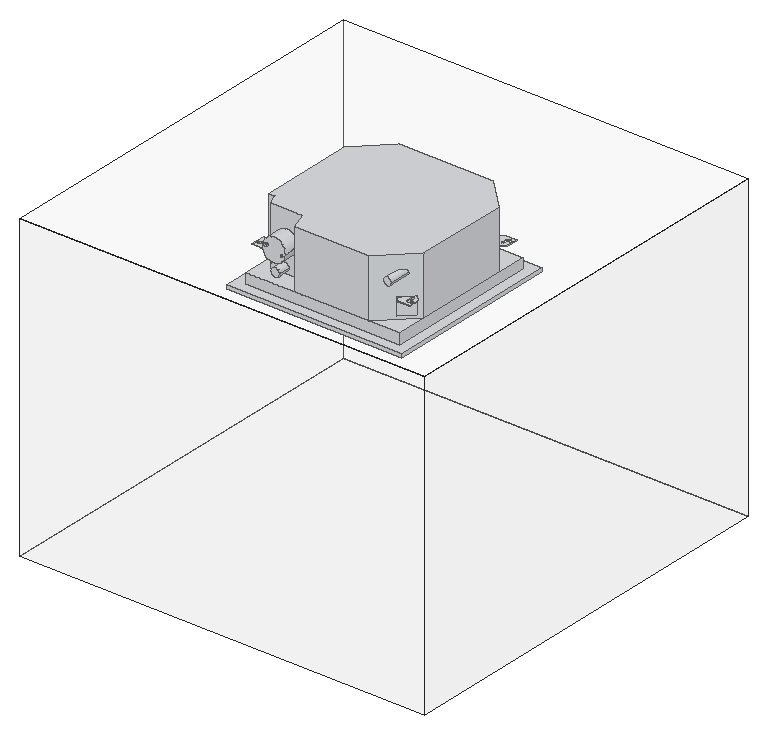
Revit family "pl-rp28_80ga5_50hz", category 機械設備, Revit 2019
Family settings
  丸型コネクタ寸法 = 直径を使用
  パーツ タイプ = 標準
  OmniClass 番号 = 23.75.10.24.21.27.27
  OmniClass タイトル = Split System Air Conditioning Units
  作業面ベース = いいえ
  常に垂直 = はい
  ロード時にボイドで切り取り = いいえ
  共有 = いいえ
  部屋計算ポイント = はい
Parameters (values of type "天井4方向_PL-RP28GA5")
  風量_静 (㎥/min) = 6.3
  風量_強 (㎥/min) = 8.7
  風量_弱 (㎥/min) = 7.1
  風量_中 (㎥/min) = 7.8
  風量 = MAX風量  # 522.0 m³/h
  音響パワーレベル(dB) = [音響パワーレベル_強 (dB)]  # 50
  音響パワーレベル_静 (dB) = 47
  音響パワーレベル_強 (dB) = 50
  音響パワーレベル_弱 (dB) = 48
  音響パワーレベル_中 (dB) = 49
  電源種別 = ""
  電源_H = 0 mm
  電圧 = 0 V
  電動機出力_送風機 = 0.05 kW
  運転質量 = 0.00 kg
  連動 = ""
  質量 = if(製品質量 > 運転質量, 製品質量, 運転質量) * 1.2  # 24.72 kg
  負荷分類 = 3_ファン類
  製品質量_本体 = 17.00 kg
  製品質量_パネル = 3.60 kg
  構成品番 = "PL-RP28GA5"
  ドレン管径 (外径) = 32 mm
  ドレン管径 = 25 mm
  サービススペース = yes
  【値が 0 の項目は組合せ形名にてご確認ください】 = ""
  URL = "https://www.mitsubishielectric.co.jp/ldg/wink/ssl/top.do\""
  説明 = "店舗・事務所用パッケージエアコン(Mr.SLIM) [本体]4方向天井カセット形<コンパクトタイプ>"
  設計暖房能力 = 0.00 kW
  設計冷房能力_顕熱 = 0 kW
  設計冷房能力 = 0 kW
  設置方法 = "カセット形"
  記号 = ""
  製造元 = "三菱電機株式会社"
  製品質量 = 製品質量_パネル + 製品質量_本体  # 20.60 kg
  製品出荷対象 = "国内"
  製品リリース年月 = ""
  製品グループ = ""
  系統 = ""
  符号 = "PAC-CK4"
  積算_科目 = "1 空気調和設備"
  積算_拾い区分 [instance] = ""
  相 = 1
  盤記号 = ""
  発停方法 = "付属スイッチ"
  特殊仕様 = ""
  火災停止 = ""
  消費電力_暖房 = 0.03 kW
  消費電力_冷房 = 0.03 kW
  消費電力 = if(消費電力_冷房 > 消費電力_暖房, 消費電力_冷房, 消費電力_暖房)  # 0.03 kW
  法定耐用年数 = "6"
  極数 = 1
  材質 = ""
  本体マテリアル = none
  有効加湿量 = 0
  暖房能力 = 2.80 kW
  推奨ブレーカー容量 = 0 A
  形式_加湿器 = ""
  形式 = "カセット形（4方向吹出形）"
  幹線記号 = ""
  始動方式 = "直入"
  呼称 = "パッケージ形空気調和機_室内機"
  周波数 = 50 Hz
  吊り位置Y = 507 mm
  吊り位置X = 640 mm
  吊りボルト_H = 134 mm
  台数_手元リモコン = ""
  台数_冷媒分岐ユニット = ""
  参照している仕様書等のバージョン = "公共建築工事標準仕様書（機械設備工事編）平成31年度版"
  加湿給水管径 = 0 mm
  分類コード = "5.0053E+13"
  分類グループ = ""
  冷房能力 = 2.5 kW
  冷媒高低圧ガス管径 = 0 mm
  冷媒管径符号 = "Ac"
  冷媒管径 = 100 mm
  冷媒液管高さ = 159 mm
  冷媒液管長さ = 71 mm
  冷媒液管径 = 6.4 mm
  冷媒ガス管高さ = 183 mm
  冷媒ガス管長さ = 76 mm
  冷媒ガス管径 = 12.7 mm
  企業コード = "108420"
  付属品_フィルター = ""
  付属品 = ""
  仕様書バージョン = "Version1.0"
  Model = ""
  パネルマテリアル = none
  ドレン管高さ = 227 mm
  コメント [instance] = ""
  ケーブル種類 = ""
  ケーブルサイズ = 0 mm
  Width = 670 mm
  Version = ""
  Uniclass2015Version = "Systems v1.9"
  Uniclass2015Title = "Split coil remote air cooled condensing units"
  Uniclass2015Code = "Pr_70_65_03_84"
  SpecificationReference = ""
  SpecificationDescription = ""
  Revision = ""
  ProductInformation = ""
  Panel Width = 760 mm
  Panel Height = 15 mm
  Panel Depth = 760 mm
  OmniClassCode = "23-33 17 13 11"
  MIN風量 = [風量_静 (㎥/min)] * 60.0 m³/h  # 378.0 m³/h
  MID風量2 = [風量_弱 (㎥/min)] * 60.0 m³/h  # 426.0 m³/h
  MID風量 = [風量_中 (㎥/min)] * 60.0 m³/h  # 468.0 m³/h
  MAX風量 = [風量_強 (㎥/min)] * 60.0 m³/h  # 522.0 m³/h
  IfcTypeProduct = ""
  IfcProduct = ""
  IfcExportType = "AIRCONDITIONINGUNIT"
  IfcExportAs = "IfcUnitaryEquipmentType"
  Height = 298 mm
  Depth = 670 mm
  価格 = 0
  Clearance Top = 305 mm
  Clearance Right = 500 mm
  Clearance Left = 500 mm
  Clearance Front = 500 mm
  Clearance Bottom = 1000 mm
  Clearance Back = 500 mm
  Author = "三菱電機株式会社"
Types (8, lengths in mm): name | 風量_静 (㎥/min) | 風量_強 (㎥/min) | 風量_弱 (㎥/min) | 風量_中 (㎥/min) | 風量 | 音響パワーレベル(dB) | 音響パワーレベル_静 (dB) | 音響パワーレベル_強 (dB) | 音響パワーレベル_弱 (dB) | 音響パワーレベル_中 (dB) | 構成品番 | URL | 消費電力_暖房 | 消費電力_冷房 | 消費電力 | 暖房能力 | 冷房能力 | 冷媒管径符号 | 冷媒液管長さ | 冷媒液管径 | 冷媒ガス管長さ | 冷媒ガス管径 | MIN風量 | MID風量2 | MID風量 | MAX風量
  天井4方向_PL-RP28GA5 | 6.3 | 8.7 | 7.1 | 7.8 | 522.0 m³/h | 50 | 47 | 50 | 48 | 49 | "PL-RP28GA5" | "https://www.mitsubishielectric.co.jp/ldg/wink/ssl/top.do\"" | 0.03 kW | 0.03 kW | 0.03 kW | 2.80 kW | 2.5 kW | "Ac" | 71 | 6.4 | 76 | 12.7 | 378.0 m³/h | 426.0 m³/h | 468.0 m³/h | 522.0 m³/h
  天井4方向_PL-RP40GA5 | 8.5 | 12 | 9 | 9.5 | 720.0 m³/h | 53 | 48 | 53 | 49 | 51 | "PL-RP40GA5" | "https://www.mitsubishielectric.co.jp/ldg/wink/ssl/top.do" | 0.03 kW | 0.03 kW | 0.03 kW | 4.00 kW | 3.6 kW | "Ac" | 71 | 6.4 | 76 | 12.7 | 510.0 m³/h | 540.0 m³/h | 570.0 m³/h | 720.0 m³/h
  天井4方向_PL-RP45GA5 | 8.5 | 12 | 9 | 9.5 | 720.0 m³/h | 53 | 48 | 53 | 49 | 51 | "PL-RP45GA5" | "https://www.mitsubishielectric.co.jp/ldg/wink/ssl/top.do" | 0.03 kW | 0.03 kW | 0.03 kW | 4.50 kW | 4 kW | "Ac" | 71 | 6.4 | 76 | 12.7 | 510.0 m³/h | 540.0 m³/h | 570.0 m³/h | 720.0 m³/h
  天井4方向_PL-RP50GA5 | 9.5 | 12.5 | 10 | 12 | 750.0 m³/h | 54 | 49 | 54 | 50 | 53 | "PL-RP50GA5" | "https://www.mitsubishielectric.co.jp/ldg/wink/ssl/top.do" | 0.03 kW | 0.03 kW | 0.03 kW | 5.00 kW | 4.5 kW | "Ac" | 71 | 6.4 | 76 | 12.7 | 570.0 m³/h | 600.0 m³/h | 720.0 m³/h | 750.0 m³/h
  天井4方向_PL-RP56GA5 | 9.5 | 14 | 10 | 12.5 | 840.0 m³/h | 56 | 49 | 56 | 50 | 54 | "PL-RP56GA5" | "https://www.mitsubishielectric.co.jp/ldg/wink/ssl/top.do" | 0.03 kW | 0.03 kW | 0.03 kW | 5.60 kW | 5 kW | "Ac" | 71 | 6.4 | 76 | 12.7 | 570.0 m³/h | 600.0 m³/h | 750.0 m³/h | 840.0 m³/h
  天井4方向_PL-RP63GA5 | 10 | 14.5 | 11.5 | 13 | 870.0 m³/h | 57 | 50 | 57 | 53 | 55 | "PL-RP63GA5" | "https://www.mitsubishielectric.co.jp/ldg/wink/ssl/top.do" | 0.04 kW | 0.04 kW | 0.04 kW | 6.30 kW | 5.6 kW | "Ac" | 71 | 6.4 | 76 | 12.7 | 600.0 m³/h | 690.0 m³/h | 780.0 m³/h | 870.0 m³/h
  天井4方向_PL-RP71GA5 | 11 | 15 | 12 | 13.5 | 900.0 m³/h | 58 | 53 | 58 | 54 | 56 | "PL-RP71GA5" | "https://www.mitsubishielectric.co.jp/ldg/wink/ssl/top.do" | 0.04 kW | 0.04 kW | 0.04 kW | 7.10 kW | 6.3 kW | "Bd" | 75 | 9.5 | 80 | 15.9 | 660.0 m³/h | 720.0 m³/h | 810.0 m³/h | 900.0 m³/h
  天井4方向_PL-RP80GA5 | 11 | 15 | 12 | 13.5 | 900.0 m³/h | 58 | 53 | 58 | 54 | 56 | "PL-RP80GA5" | "https://www.mitsubishielectric.co.jp/ldg/wink/ssl/top.do" | 0.04 kW | 0.04 kW | 0.04 kW | 8.00 kW | 7.1 kW | "Bd" | 75 | 9.5 | 80 | 15.9 | 660.0 m³/h | 720.0 m³/h | 810.0 m³/h | 900.0 m³/h
Reference planes
  plane 1 "中心(正面/背面)": y = 0
  plane 2: z = 0
  plane 3 "中心(左/右)": x = 0
  plane 4: x = -380
  plane 5: x = 380
  plane 6: y = 380
  plane 7: y = -380
  plane 8: z = 298
  plane 9: z = 305
  plane 10: x = -320
  plane 11: x = 320
  plane 12: y = 253.5
  plane 13: y = -253.5
  plane 14: z = 46
  plane 15: y = 335
  plane 16: y = -335
  plane 17: x = -335
  plane 18: x = 335
  plane 19: x = -880
  plane 20: x = 880
  plane 21: y = 880
  plane 22: y = -880
  plane 23: z = 298
  plane 24: z = -15
  plane 25: z = -1015
  plane 26: z = 305
  plane 27 "冷媒管基準面": y = -255
  plane 28: x = -186
  plane 29: z = 159
  plane 30: y = -331
  plane 31: y = -326
Forms (mm)
  Extrusion 1, solid, detail levels fine
    sketch origin (0, -255, 15) x (1, 0, 0) y (0, 0, 1)
      loop
        circle (-186, 144) r 3.175
    from 0 to 71
  Extrusion 2, solid, detail levels fine
    sketch origin (-67, -255, 39) x (1, 0, 0) y (0, 0, 1)
      loop
        circle (-186, 144) r 6.35
    from 0 to 76
Dimensions and locks
  equal spacing: plane 4, plane 3 "中心(左/右)", plane 5
  plane 4 to plane 5 = 760 mm
  equal spacing: plane 7, plane 1 "中心(正面/背面)", plane 6
  plane 7 to plane 6 = 760 mm
  locked: plane 12 to plane 6 at 126.5
  plane 7 to plane 13 = 126.5 mm
  plane 4 to plane 10 = 60 mm
  locked: plane 11 to plane 5 at 60
  "吊り位置X": plane 10 to plane 11
  equal spacing: plane 10, plane 3 "中心(左/右)", plane 11
  equal spacing: plane 13, plane 1 "中心(正面/背面)", plane 12
  "吊り位置Y": plane 13 to plane 12
  equal spacing: plane 16, plane 1 "中心(正面/背面)", plane 15
  "Depth": plane 16 to plane 15
  equal spacing: plane 17, plane 3 "中心(左/右)", plane 18
  "Width": plane 17 to plane 18
  locked: plane 14 to level at 46
  "Clearance Left": plane 19 to plane 4
  "Clearance Right": plane 5 to plane 20
  "Clearance Back": plane 6 to plane 21
  locked: level to plane 24 at 15
  "Clearance Bottom": plane 24 to plane 25
  "Clearance Front": plane 22 to plane 7
  "Clearance Top": plane 26 to plane 2
  "Height": level to nested 3
  plane 29 to plane 2 = 159 mm
  nested 3 to level = 134 mm
  "冷媒液管長さ": plane 31 to plane 27 "冷媒管基準面"
  "冷媒ガス管長さ": plane 30 to plane 27 "冷媒管基準面"
  aligned and locked: level to plane 2
  aligned and locked: plane 10 to nested 2
  aligned and locked: plane 11 to nested 2
  aligned and locked: nested 2 to plane 12
  aligned and locked: plane 13 to nested 2
  aligned and locked: plane 19 to nested 1
  aligned and locked: plane 20 to nested 1
  aligned and locked: plane 22 to nested 1
  aligned and locked: plane 21 to nested 1
  aligned and locked: plane 25 to nested 1
  aligned and locked: plane 5 to nested 3
  aligned and locked: plane 15 to nested 3
  aligned and locked: plane 6 to nested 3
  aligned and locked: plane 7 to nested 3
  aligned and locked: plane 26 to nested 1
  aligned and locked: plane 31 to Extrusion 1
  aligned and locked: plane 30 to Extrusion 2
Automatic sketch dimensions
  Extrusion 1 sketch curve to plane 28 = 0 mm
  Extrusion 1 sketch curve to plane 29 = 0 mm
  plane 29 to Extrusion 2 sketch curve = 24 mm
  plane 10 to Extrusion 2 sketch curve = 67 mm
  radius of Extrusion 1 sketch curve = 3.175 mm
  radius of Extrusion 2 sketch curve = 6.35 mm
Nested families
  nested 1: "サービススペース" at (0, 0, -355), visible <- "サービススペース", type "サービススペース"
    with Width 1760 mm, Height 1320 mm, Depth 1760 mm
  nested 2: "固定点" at (-320, -253.5, 0), type "固定点"
    with W 640 mm, D 507 mm
  nested 3: "PL-RP○○GA3" at (0, 0, 0), type "PL-RP○○GA3"
    with ユニット表示 yes
Connectors
  piping at (-219.5, -326, 171), diameter 100, driven by "冷媒管径", driven by "冷媒管径符号"
    settings: on nested 3, index 1, connector inside diameter 609.6 mm, connector length 0 mm, flow factor 0, pipe flow 0.0 L/s, pressure drop 0.0 Pa, fitting loss kfactor 0, connector angle 0.00°, fixture units 0, engagement length 0 mm, angle of deflection 0.00°, flow configuration 1, flow direction 1, fitting loss method 4, system type 7, joint type 0, gender type 0, connector reference index -1, connector utility 0, adjustable connector no, is connector primary yes, connector description "Ac"
  piping at (281, -332, 227), diameter 25, driven by "ドレン管径"
    settings: on nested 3, index 2, connector inside diameter 609.6 mm, connector length 0 mm, flow factor 0, pipe flow 0.0 L/s, pressure drop 0.0 Pa, fitting loss kfactor 0, connector angle 0.00°, fixture units 0, engagement length 0 mm, angle of deflection 0.00°, flow configuration 1, flow direction 2, fitting loss method 4, system type 16, joint type 0, gender type 0, connector reference index -1, connector utility 0, adjustable connector no, is connector primary no, connector description ""
  electrical at (-230, -305, 70), driven by "極数", driven by "負荷分類", driven by "電圧", driven by "消費電力"
    settings: on nested 3, index 3, voltage 0 V, apparent load 30 VA, apparent load phase1 0 VA, apparent load phase2 0 VA, apparent load phase3 0 VA, power factor 1, load classification "3_ファン類", number of poles 1, system type 30, power factor state 1, is connector primary yes, connector utility no, sub classification motor no, connector description ""
Definition of nested family "サービススペース"
  Parameters (values of type "サービススペース")
    Width [instance] = 500 mm
    Height [instance] = 500 mm
    Depth [instance] = 500 mm
  Reference planes
    plane 1 "中心(正面/背面)": y = 0
    plane 2: z = 0
    plane 3 "中心(左/右)": x = 0
    plane 4: y = -250
    plane 5: x = 250
    plane 6: y = 250
    plane 7: x = -250
    plane 8: z = 250
    plane 9: z = -250
  Forms (mm)
    Extrusion 1, solid
      sketch origin (-638.939, 0, 72.39) x (1, 0, 0) y (0, 1, 0)
        loop
          line (388.939, 250) -> (388.939, -250) -> (888.939, -250) -> (888.939, 250) -> (388.939, 250)
      from -322.39 to 177.61
  Lines and regions (mm)
    symbolic lines
      curve 1: line (-250, 0, 250) -> (250, 0, 250)
      curve 2: line (-250, 0, -250) -> (-250, 0, 250)
      curve 3: line (250, 0, -250) -> (-250, 0, -250)
      curve 4: line (250, 0, 250) -> (250, 0, -250)
      curve 5: line (0, -250, 250) -> (0, 250, 250)
      curve 6: line (0, -250, -250) -> (0, -250, 250)
      curve 7: line (0, 250, -250) -> (0, -250, -250)
      curve 8: line (0, 250, 250) -> (0, 250, -250)
      curve 9: line (-250, 250, 0) -> (250, 250, 0)
      curve 10: line (-250, -250, 0) -> (-250, 250, 0)
      curve 11: line (250, -250, 0) -> (-250, -250, 0)
      curve 12: line (250, 250, 0) -> (250, -250, 0)
  Dimensions and locks
    equal spacing: plane 7, plane 3 "中心(左/右)", plane 5
    equal spacing: plane 4, plane 1 "中心(正面/背面)", plane 6
    "Depth": plane 4 to plane 6
    "Width": plane 7 to plane 5
    equal spacing: plane 8, plane 2, plane 9
    "Height": plane 8 to plane 9
    aligned and locked: plane 9 to curve 3
    aligned and locked: plane 7 to curve 2
    aligned and locked: curve 4 to plane 5
    aligned and locked: plane 5 to Extrusion 1
    aligned and locked: Extrusion 1 to plane 7
    aligned and locked: Extrusion 1 to plane 9
    aligned and locked: plane 8 to Extrusion 1
    aligned and locked: plane 9 to curve 7
  Automatic sketch dimensions
    plane 4 to Extrusion 1 sketch curve = 0 mm
    Extrusion 1 sketch curve to plane 7 = 0 mm
    Extrusion 1 sketch curve to plane 5 = 0 mm
    plane 6 to Extrusion 1 sketch curve = 0 mm
    curve 2 to plane 8 = 0 mm
    plane 4 to curve 11 = 0 mm
    curve 11 to plane 7 = 0 mm
    curve 11 to plane 5 = 0 mm
    plane 6 to curve 10 = 0 mm
    curve 7 to plane 4 = 0 mm
    curve 7 to plane 6 = 0 mm
    curve 6 to plane 8 = 0 mm
Definition of nested family "PL-RP○○GA3"
  Parameters (values of type "PL-RP○○GA3")
    配線取出口サイズ = 36 mm
    配線取出口-Z = 70 mm
    配線取出口-Y = 50 mm
    配線取出口-X = 230 mm
    液配管サイズ = 6.4 mm
    A = 幅さ + 90 mm  # 760 mm
    高さ = 298 mm
    奥行き = 670 mm
    吊りボルト_H = 134 mm
    冷媒配管 = 100 mm
    冷媒液管径-Z = 159 mm
    冷媒液管径-Y = 71 mm
    冷媒液管径-X = 186 mm
    冷媒ガス管径-Z = 183 mm
    冷媒ガス管径-Y = 76 mm
    冷媒ガス管径-X = 253 mm
    ユニット表示 [instance] = yes
    ボルトピッチ = 507 mm
    ドレン配管サイズ = 32 mm
    ドレン管径-Z = 227 mm
    ドレン管径-Y = 77 mm
    ドレン管径-X = 281 mm
    ガス配管サイズ = 12.7 mm
    D = 幅さ - 30 mm  # 640 mm
    幅さ = 670 mm
    B = 幅さ + 40 mm  # 710 mm
  Reference planes
    plane 1 "中心(正面/背面)": y = 0
    plane 2: z = 0
    plane 3 "中心(左/右)": x = 0
    plane 4: x = -355
    plane 5: x = 355
    plane 6: x = -335
    plane 7: x = 335
    plane 8: x = -320
    plane 9: x = 320
    plane 10: y = 253.5
    plane 11: y = -253.5
    plane 12: y = 335
    plane 13: y = -335
    plane 14: x = -380
    plane 15: x = 380
    plane 16: z = -15
    plane 17: z = 46
    plane 18: z = 298
    plane 19: z = 134
    plane 20: z = 136
    plane 21: z = 227
    plane 22: z = 159
    plane 23: z = 183
    plane 24: z = 60
    plane 25: y = 380
    plane 26: y = -380
    plane 27: x = -253
    plane 28: x = -150
    plane 29: x = -123
    plane 30: x = -186
    plane 31: x = 281
    plane 32: x = 202
    plane 33: y = -255
    plane 34: y = -207
    plane 35: y = -331
    plane 36: y = -326
    plane 37 "ドレン管接続口": y = -332
    plane 38: y = -202
    plane 39: y = 291.5
    plane 40: y = 275.5
    plane 41: y = 263.5
    plane 42: x = -326
    plane 43: x = -314
    plane 44: x = -343
    plane 45: x = 314
    plane 46: x = 326
    plane 47: x = 343
    plane 48: y = -291.5
    plane 49: y = -275.5
    plane 50: y = -263.5
    plane 51: x = -230
    plane 52: y = 202
    plane 53: x = -202
    plane 54: z = 70
    plane 55: y = -305
  Forms (mm)
    Extrusion 1, solid, visible <- "ユニット表示"
      sketch origin (0, 0, 0) x (1, 0, 0) y (0, 1, 0)
        loop
          line (-380, 380) -> (-380, -380) -> (380, -380) -> (380, 380) -> (-380, 380)
      from -15 to 0
    Extrusion 2, solid, visible <- "ユニット表示", detail levels fine
      sketch origin (0, 0, 0) x (1, 0, 0) y (0, 1, 0)
        loop
          line (-203.39, 335) -> (-335, 203.39) -> (-335, -207) -> (-309.258, -207) -> (-288.883, -255) -> (-150, -255) -> (-123.033, -335) -> (202, -335) -> (335, -202) -> (335, 203.39) -> (203.39, 335) -> (-203.39, 335)
      from 46 to 298
    Extrusion 3, solid, visible <- "ユニット表示", detail levels fine
      sketch origin (0, 0, 0) x (1, 0, 0) y (0, 1, 0)
        loop
          line (335, 335) -> (-335, 335) -> (-335, -335) -> (335, -335) -> (335, 335)
      from 0 to 46
    Extrusion 4, solid, visible <- "ユニット表示", detail levels fine
      sketch origin (0, 0, 0) x (1, 0, 0) y (0, 0, 1)
        loop
          circle (-219.5, 171) r 50
      from 255 to 326
    Extrusion 5, solid, visible <- "ユニット表示", detail levels fine
      sketch origin (0, 0, 0) x (1, 0, 0) y (0, 1, 0)
        loop
          line (-343, -291.5) -> (-300.314, -291.5) -> (-290.686, -250.751) -> (-306.998, -212.324) -> (-343, -227.606) -> (-343, -263.5) -> (-329, -263.5)
          arc (-329, -263.5) -> (-326.879, -262.621) -> (-326, -260.5) r 3
          line (-326, -260.5) -> (-326, -249.5)
          arc (-326, -249.5) -> (-320, -243.5) -> (-314, -249.5) r 6
          line (-314, -249.5) -> (-314, -269.478)
          arc (-314, -269.478) -> (-315.757, -273.721) -> (-320, -275.5) r 6
          line (-320, -275.5) -> (-343, -275.5) -> (-343, -291.5)
        loop
          line (-343, 275.5) -> (-320, 275.5)
          arc (-320, 275.5) -> (-315.757, 273.743) -> (-314, 269.5) r 6
          line (-314, 269.5) -> (-314, 249.5)
          arc (-314, 249.5) -> (-320, 243.5) -> (-326, 249.5) r 6
          line (-326, 249.5) -> (-326, 260.5)
          arc (-326, 260.5) -> (-326.879, 262.621) -> (-329, 263.5) r 3
          line (-329, 263.5) -> (-343, 263.5) -> (-343, 244.959) -> (-318.215, 220.175) -> (-270.214, 268.176) -> (-293.539, 291.5) -> (-343, 291.5) -> (-343, 275.5)
        loop
          line (343, 291.5) -> (293.539, 291.5) -> (270.214, 268.176) -> (318.215, 220.175) -> (343, 244.959) -> (343, 263.5) -> (329, 263.5)
          arc (329, 263.5) -> (326.879, 262.621) -> (326, 260.5) r 3
          line (326, 260.5) -> (326, 249.5)
          arc (326, 249.5) -> (320, 243.5) -> (314, 249.5) r 6
          line (314, 249.5) -> (314, 269.5)
          arc (314, 269.5) -> (315.757, 273.743) -> (320, 275.5) r 6
          line (320, 275.5) -> (343, 275.5) -> (343, 291.5)
        loop
          line (293.539, -291.5) -> (343, -291.5) -> (343, -275.5) -> (320, -275.5)
          arc (320, -275.5) -> (315.757, -273.743) -> (314, -269.5) r 6
          line (314, -269.5) -> (314, -249.5)
          arc (314, -249.5) -> (320, -243.5) -> (326, -249.5) r 6
          line (326, -249.5) -> (326, -260.5)
          arc (326, -260.5) -> (326.879, -262.621) -> (329, -263.5) r 3
          line (329, -263.5) -> (343, -263.5) -> (343, -244.959) -> (317.52, -219.48) -> (269.519, -267.481) -> (293.539, -291.5)
      from 134 to 136
    Extrusion 6, solid, visible <- "ユニット表示", detail levels fine
      sketch origin (0, 0, 0) x (1, 0, 0) y (0, 1, 0)
        loop
          line (-306.998, -212.324) -> (-308.839, -213.105) -> (-291.463, -254.04) -> (-289.622, -253.258) -> (-306.998, -212.324)
        loop
          line (-271.629, 269.59) -> (-319.63, 221.589) -> (-318.245, 220.204) -> (-270.244, 268.205) -> (-271.629, 269.59)
        loop
          line (271.629, 269.59) -> (270.244, 268.205) -> (318.245, 220.204) -> (319.63, 221.589) -> (271.629, 269.59)
        loop
          line (270.934, -268.895) -> (318.935, -220.894) -> (317.52, -219.48) -> (269.519, -267.481) -> (270.934, -268.895)
      from 60 to 136
    Extrusion 7, solid, visible <- "ユニット表示", detail levels fine
      sketch origin (0, 0, 0) x (1, 0, 0) y (0, 0, 1)
        loop
          circle (-230, 70) r 18
      from 255 to 305
    Extrusion 8, solid, detail levels fine
      sketch origin (0, -332, 0) x (-1, 0, 0) y (0, 0, 1)
        loop
          circle (-281, 227) r 16
      from 0 to 100
  Cuts and joins
    joined: Extrusion 5, Extrusion 6
  Dimensions and locks
    equal spacing: plane 4, plane 3 "中心(左/右)", plane 5
    "B": plane 4 to plane 5
    equal spacing: plane 6, plane 3 "中心(左/右)", plane 7
    "幅さ": plane 6 to plane 7
    equal spacing: plane 8, plane 3 "中心(左/右)", plane 9
    "D": plane 8 to plane 9
    equal spacing: plane 11, plane 1 "中心(正面/背面)", plane 10
    "ボルトピッチ": plane 10 to plane 11
    equal spacing: plane 12, plane 1 "中心(正面/背面)", plane 13
    "奥行き": plane 12 to plane 13
    "A": plane 14 to plane 15
    equal spacing: plane 14, plane 3 "中心(左/右)", plane 15
    locked: plane 2 to plane 16 at 15
    locked: plane 17 to plane 2 at 46
    "吊りボルト_H": plane 19 to level
    locked: plane 20 to plane 19 at 2
    "ドレン管径-Z": plane 21 to level
    "冷媒液管径-Z": plane 22 to level
    "冷媒ガス管径-Z": plane 23 to level
    plane 24 to level = 60 mm
    equal spacing: plane 25, plane 1 "中心(正面/背面)", plane 26
    "A": plane 25 to plane 26
    locked: plane 6 to plane 28 at 185
    locked: plane 6 to plane 29 at 212
    locked: plane 32 to plane 7 at 133
    "冷媒ガス管径-X": plane 27 to plane 3 "中心(左/右)"
    "冷媒液管径-X": plane 30 to plane 3 "中心(左/右)"
    "ドレン管径-X": plane 3 "中心(左/右)" to plane 31
    locked: plane 33 to plane 13 at 80
    locked: plane 34 to plane 13 at 128
    "冷媒ガス管径-Y": plane 33 to plane 35
    "冷媒液管径-Y": plane 33 to plane 36
    "ドレン管径-Y": plane 33 to plane 37 "ドレン管接続口"
    locked: plane 38 to plane 13 at 133
    equal spacing: plane 30, Extrusion 4 sketch curve, plane 27
    equal spacing: plane 23, Extrusion 4 sketch curve, plane 22
    locked: plane 44 to plane 8 at 23
    plane 42 to plane 8 to plane 43 = 6 mm locked, 6 mm locked
    locked: plane 9 to plane 47 at 23
    plane 45 to plane 9 to plane 46 = 6 mm locked, 6 mm locked
    plane 11 to plane 50 to plane 49 to plane 48 = 10 mm locked, 12 mm locked, 16 mm locked
    plane 39 to plane 40 to plane 41 to plane 10 = 16 mm locked, 12 mm locked, 10 mm locked
    locked: Extrusion 5 sketch curve to plane 11 at 4  (x2)
    locked: plane 10 to Extrusion 5 sketch curve at 4  (x2)
    "配線取出口-X": plane 51 to plane 3 "中心(左/右)"
    "配線取出口-Z": plane 54 to level
    "配線取出口-Y": plane 33 to plane 55
    locked: cut or joined group of Extrusion 5, Extrusion 6 to Extrusion 6 sketch curve at 2
    locked: Extrusion 6 sketch curve to Extrusion 2 at 2  (x3)
    "高さ": plane 18 to level
    "冷媒配管": diameter of Extrusion 4 sketch curve
    radius of Extrusion 5 sketch curve = 6 mm  (x8)
    radius of Extrusion 5 sketch curve = 3 mm  (x4)
    "配線取出口サイズ": diameter of Extrusion 7 sketch curve
    aligned and locked: level to plane 2
    aligned and locked: Extrusion 1 sketch curve to plane 25
    aligned and locked: plane 14 to Extrusion 1 sketch curve
    aligned and locked: plane 26 to Extrusion 1 sketch curve
    aligned and locked: Extrusion 1 sketch curve to plane 15
    aligned and locked: level to Extrusion 1
    aligned and locked: Extrusion 1 to plane 16
    aligned and locked: plane 18 to Extrusion 2
    aligned and locked: Extrusion 2 to plane 17
    aligned and locked: Extrusion 3 sketch curve to plane 7
    aligned and locked: Extrusion 3 sketch curve to plane 13
    aligned and locked: Extrusion 3 sketch curve to plane 6
    aligned and locked: Extrusion 3 sketch curve to plane 12
    aligned and locked: Extrusion 3 to level
    aligned and locked: plane 17 to Extrusion 3
    aligned and locked: plane 28 to Extrusion 2 sketch curve
    aligned and locked: plane 34 to Extrusion 2 sketch curve
    aligned and locked: Extrusion 2 sketch curve to plane 13
    aligned and locked: Extrusion 2 sketch curve to plane 7
    aligned and locked: Extrusion 2 sketch curve to plane 12
    aligned and locked: Extrusion 2 sketch curve to plane 6
    aligned and locked: plane 7 to Extrusion 2 sketch curve
    aligned and locked: plane 38 to Extrusion 2 sketch curve
    aligned and locked: plane 32 to Extrusion 2 sketch curve
    aligned and locked: plane 13 to Extrusion 2 sketch curve
    aligned and locked: plane 44 to Extrusion 5 sketch curve  (x2)
    aligned and locked: Extrusion 5 sketch curve to plane 50
    aligned and locked: plane 49 to Extrusion 5 sketch curve
    aligned and locked: Extrusion 5 sketch curve to plane 48
    aligned and locked: plane 43 to Extrusion 5 sketch curve
    aligned and locked: plane 42 to Extrusion 5 sketch curve  (x2)
    aligned and locked: Extrusion 6 to plane 24
    aligned and locked: plane 20 to Extrusion 6
    aligned and locked: plane 39 to Extrusion 5 sketch curve  (x2)
    aligned and locked: Extrusion 5 sketch curve to plane 44  (x2)
    aligned and locked: plane 41 to Extrusion 5 sketch curve  (x2)
    aligned and locked: Extrusion 5 sketch curve to plane 40  (x2)
    aligned and locked: Extrusion 5 sketch curve to plane 43
    aligned and locked: Extrusion 5 sketch curve to Extrusion 2  (x3)
    aligned and locked: plane 47 to Extrusion 5 sketch curve  (x4)
    aligned and locked: plane 45 to Extrusion 5 sketch curve  (x2)
    aligned and locked: Extrusion 5 sketch curve to plane 46  (x2)
    aligned and locked: plane 50 to Extrusion 5 sketch curve
    aligned and locked: plane 48 to Extrusion 5 sketch curve
    aligned and locked: Extrusion 5 sketch curve to plane 49
    aligned and locked: plane 51 to Extrusion 7 sketch curve
    aligned and locked: plane 54 to Extrusion 7 sketch curve
    aligned and locked: Extrusion 7 to Extrusion 2
    aligned and locked: plane 55 to Extrusion 7
    aligned and locked: cut or joined group of Extrusion 5, Extrusion 6 to cut or joined group of Extrusion 5, Extrusion 6  (x2)
    aligned and locked: Extrusion 6 sketch curve to cut or joined group of Extrusion 5, Extrusion 6  (x3)
    aligned and locked: cut or joined group of Extrusion 5, Extrusion 6 to Extrusion 6 sketch curve  (x2)
    aligned and locked: Extrusion 2 to Extrusion 6 sketch curve
    aligned and locked: cut or joined group of Extrusion 5, Extrusion 6 to plane 19
    aligned and locked: plane 20 to cut or joined group of Extrusion 5, Extrusion 6
    aligned and locked: Extrusion 4 to plane 36
  Automatic sketch dimensions
    Extrusion 2 sketch curve to plane 33 = 0 mm
    plane 43 to Extrusion 2 sketch curve = 4.742 mm
    plane 43 to Extrusion 2 sketch curve = 25.117 mm
    Extrusion 2 sketch curve to plane 30 = 17.39 mm
    Extrusion 2 sketch curve to plane 29 = 0.033 mm
    plane 32 to Extrusion 2 sketch curve = 1.39 mm
    Extrusion 2 sketch curve to plane 10 = 50.11 mm  (x2)
    Extrusion 5 sketch curve to plane 8 = 0 mm
    Extrusion 5 sketch curve to plane 8 = 13.002 mm
    Extrusion 5 sketch curve to plane 43 = 13.686 mm
    plane 50 to Extrusion 5 sketch curve = 12.749 mm
    Extrusion 5 sketch curve to Extrusion 5 sketch curve = 9.627 mm
    Extrusion 5 sketch curve to plane 50 = 5.978 mm
    plane 34 to Extrusion 5 sketch curve = 20.606 mm
    plane 8 to Extrusion 6 sketch curve = 1.755 mm
    Extrusion 6 sketch curve to plane 11 = 0.54 mm
    Extrusion 6 sketch curve to Extrusion 6 sketch curve = 1.385 mm
    Extrusion 6 sketch curve to plane 49 = 6.605 mm
    Extrusion 6 sketch curve to plane 9 = 2.48 mm
    Extrusion 6 sketch curve to Extrusion 6 sketch curve = 1.414 mm
    Extrusion 5 sketch curve to plane 8 = 1.785 mm
    Extrusion 5 sketch curve to plane 41 = 4.676 mm  (x2)
    plane 9 to Extrusion 5 sketch curve = 1.785 mm
    Extrusion 5 sketch curve to plane 50 = 3.981 mm
    plane 9 to Extrusion 5 sketch curve = 2.48 mm
    Extrusion 8 sketch curve to plane 21 = 0 mm
    Extrusion 8 sketch curve to plane 31 = 0 mm
    radius of Extrusion 8 sketch curve = 16 mm
Definition of nested family "固定点"
  Parameters (values of type "固定点")
    中心円 = 20 mm
    W [instance] = 1000 mm
    D [instance] = 1000 mm
  Reference planes
    plane 1 "中心(正面/背面)": y = 0
    plane 2: z = 0
    plane 3 "中心(左/右)": x = 0
    plane 4: x = 1000
    plane 5: y = 1000
  Lines and regions (mm)
    symbolic lines, detail levels fine
      curve 1: circle (0, 1000, 0) r 10 normal (0, 0, 1)
      curve 2: circle (0, 0, 0) r 10 normal (0, 0, 1)
      curve 3: circle (1000, 1000, 0) r 10 normal (0, 0, 1)
      curve 4: circle (1000, 0, 0) r 10 normal (0, 0, 1)
      curve 5: line (-200, 1000, 0) -> (1200, 1000, 0)
      curve 6: line (-200, 0, 0) -> (1200, 0, 0)
      curve 7: line (0, 1200, 0) -> (0, -200, 0)
      curve 8: line (1000, 1200, 0) -> (1000, -200, 0)
  Dimensions and locks
    "W": plane 3 "中心(左/右)" to plane 4
    "D": plane 1 "中心(正面/背面)" to plane 5
    "中心円": diameter of curve 1
    "中心円": diameter of curve 2
    "中心円": diameter of curve 3
    "中心円": diameter of curve 4
    aligned and locked: level to plane 2
    aligned and locked: plane 5 to curve 1
    aligned and locked: plane 3 "中心(左/右)" to curve 1
    aligned and locked: plane 3 "中心(左/右)" to curve 2
    aligned and locked: plane 1 "中心(正面/背面)" to curve 2
    aligned and locked: plane 4 to curve 3
    aligned and locked: plane 5 to curve 3
    aligned and locked: plane 1 "中心(正面/背面)" to curve 4
    aligned and locked: plane 4 to curve 4
    aligned and locked: plane 1 "中心(正面/背面)" to curve 6
    aligned and locked: curve 7 to plane 3 "中心(左/右)"
    aligned and locked: curve 8 to plane 4
  Automatic sketch dimensions
    curve 5 to plane 5 = 0 mm
    curve 6 to plane 3 "中心(左/右)" = 200 mm
    curve 5 to plane 3 "中心(左/右)" = 200 mm
    curve 4 to curve 6 = 200 mm
    curve 3 to curve 5 = 200 mm
    plane 1 "中心(正面/背面)" to curve 8 = 200 mm
    plane 1 "中心(正面/背面)" to curve 7 = 200 mm
    curve 3 to curve 8 = 200 mm
    curve 1 to curve 7 = 200 mm
